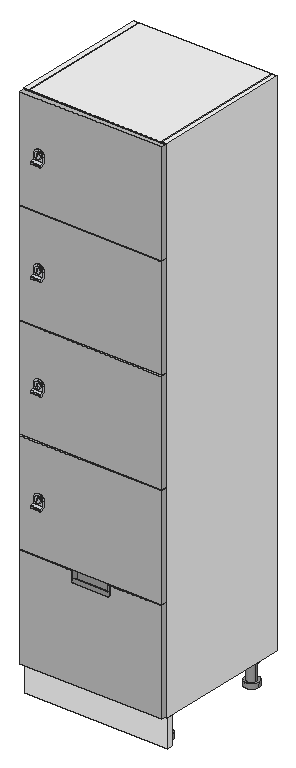
Revit family "1900H Locker 4 Door 1 Drawer", category Casework, Revit 2016 (continued)
Definition of nested family "Drawer Handle"
  Parameters (values of type "Drawer Handle")
    WarrantyDurationLabour = "5"  # constant formula
    WarrantyDescription = "5 Years Parts & Labour"  # constant formula
    Uniclass2015Version = ""
    Uniclass2015Title = ""
    Uniclass2015Code = ""
    URL = "www.bisley.com"
    SustainabilityPerformance = "FSC Approved"  # constant formula
    SerialNumber = ""
    NominalWidth = Width  # 133 mm
    NominalLength = Depth  # 20 mm
    NominalHeight = Height  # 36 mm
    Name = ""
    NBSReference = ""
    NBSDescription = "General fittings, furnishings and equipment system"  # constant formula
    ModelReference = ""
    Model = "Abode"  # constant formula
    Material = "MFC"  # constant formula
    ManufacturerURL = "www.bisley.com"  # constant formula
    Manufacturer = "Bisley"  # constant formula
    ManufactureName = "Bisley"  # constant formula
    Finish = "Matt"  # constant formula
    ExpectedLife = "25"  # constant formula
    DurationUnit = "Years"  # constant formula
    Depth = 20 mm
    Height = 36 mm
    Width = 133 mm
    Carcass Material = "MFC"  # constant formula
    Author = "Bisley"  # constant formula
    AssetType = "Fixed"  # constant formula
  Reference planes
    plane 1 "Back": y = 0
    plane 2: z = 0
    plane 3 "Center (Left/Right)": x = 44.7
    plane 4 "Front": y = -20
    plane 5 "Left": x = -21.8
    plane 6 "Right": x = 111.2
    plane 7 "Top": z = 36
    plane 8: z = 5
    plane 9: x = -16.8
    plane 10: x = 106.2
    plane 11: z = 5
    plane 12: y = -2
    plane 13: y = -18
    plane 14: z = 15
    plane 15: x = -13.8
    plane 16: z = 18
    plane 17: z = 18
    plane 18: x = 103.211
  Forms (mm)
    Extrusion 1, solid, not visible
      sketch origin (-1691.73, 346.204, -12) x (1, 0, 0) y (0, 0, 1)
        loop
          line (48, 12) -> (56, 12) -> (56, 20) -> (48, 20) -> (48, 12)
      from 0 to 26
    Extrusion 2, solid, not visible
      sketch origin (-1683.73, 346.204, -12) x (-1, 0, 0) y (0, 0, -1)
        loop
          line (48, -12) -> (48, -20) -> (56, -20) -> (56, -12) -> (48, -12)
      from 0 to 26
    Extrusion 3, solid, not visible
      sketch origin (-1687.73, 350.204, -3.997) x (0, 1, 0) y (0, 0, 1)
        loop
          line (-26, 3.997) -> (-26, 11.997) -> (-34, 11.997) -> (-34, 3.997) -> (-26, 3.997)
      from -52 to 52
    Extrusion 4, solid
      sketch origin (0, 0, 0) x (1, 0, 0) y (0, 1, 0)
        loop
          line (-21.8, -20) -> (111.2, -20) -> (111.2, 0) -> (-21.8, 0) -> (-21.8, -20)
      from 0 to 36
    Extrusion 5, void
      sketch origin (0, -20, 0) x (1, 0, 0) y (0, 0, 1)
        loop
          line (-21.8, 5) -> (-21.8, 0) -> (-16.8, 0)
          arc (-16.8, 0) -> (-20.335, 1.464) -> (-21.8, 5) r 5
      from 0 to -20
    Extrusion 6, void
      sketch origin (0, -20, 0) x (1, 0, 0) y (0, 0, 1)
        loop
          line (106.2, 0) -> (111.2, 0) -> (111.2, 5)
          arc (111.2, 5) -> (109.736, 1.464) -> (106.2, 0) r 5
      from 0 to -20
    Extrusion 7, void
      sketch origin (0, 0, 36) x (0, -1, 0) y (1, 0, 0)
        loop
          line (18, -16.8) -> (18, 106.2) -> (2, 106.2) -> (2, -16.8) -> (18, -16.8)
      from 0 to -31
    Extrusion 8, void
      sketch origin (0, -20, 0) x (1, 0, 0) y (0, 0, 1)
        loop
          line (-16.8, 36) -> (-16.8, 15) -> (106.2, 15) -> (106.2, 36) -> (-16.8, 36)
      from 0 to -2
  Cuts and joins
    Extrusion 5, Extrusion 6, Extrusion 7, Extrusion 8 cuts Extrusion 4
  Dimensions and locks
    "Width": plane 6 "Right" to plane 5 "Left"
    equal spacing: plane 6 "Right", plane 3 "Center (Left/Right)", plane 5 "Left"
    "Depth": plane 4 "Front" to plane 1 "Back"
    "Height": level to plane 7 "Top"
    aligned and locked: level to plane 2
    aligned and locked: plane 4 "Front" to Extrusion 4 sketch curve
    aligned and locked: Extrusion 4 sketch curve to plane 5 "Left"
    aligned and locked: Extrusion 4 sketch curve to plane 1 "Back"
    aligned and locked: plane 6 "Right" to Extrusion 4 sketch curve
    aligned and locked: plane 13 to Extrusion 7 sketch curve
    aligned and locked: plane 9 to Extrusion 7 sketch curve
    aligned and locked: Extrusion 7 sketch curve to plane 12
    aligned and locked: Extrusion 7 sketch curve to plane 10
  Automatic sketch dimensions
    Extrusion 1 sketch curve to Extrusion 1 sketch curve = 8 mm  (x2)
    Extrusion 2 sketch curve to Extrusion 2 sketch curve = 8 mm  (x2)
    Extrusion 3 sketch curve to Extrusion 3 sketch curve = 8 mm  (x2)
    Extrusion 5 sketch curve to level = 0 mm
    Extrusion 5 sketch curve to plane 5 "Left" = 0 mm
    Extrusion 5 sketch curve to plane 8 = 0 mm
    Extrusion 6 sketch curve to level = 0 mm
    Extrusion 6 sketch curve to plane 6 "Right" = 0 mm
    Extrusion 6 sketch curve to plane 8 = 0 mm
    Extrusion 8 sketch curve to plane 9 = 0 mm
    Extrusion 8 sketch curve to plane 10 = 0 mm
    Extrusion 8 sketch curve to plane 14 = 0 mm
    Extrusion 8 sketch curve to plane 7 "Top" = 0 mm
Types (7, lengths in mm): name | ModelReference | M3 Lock | E4 Lock | AB Lock
  (no name) | "LW519C5ABNP" | no | no | yes
  LW519C5ABNP | "LW519C5ABNP" | no | no | yes
  LW519C5ABUK | "LW519C5ABUK" | no | no | yes
  LW519C5E4NP | "LW519C5E4NP" | no | yes | no
  LW519C5E4UK | "LW519C5E4UK" | no | yes | no
  LW519C5M3NP | "LW519C5M3NP" | yes | no | no
  LW519C5M3UK | "LW519C5M3UK" | yes | no | no
